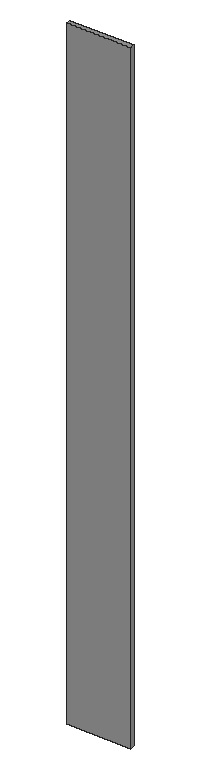
Revit family "Extrusion", category Generic Models, Revit 2025
Family settings
  Can host rebar = No
  Round Connector Dimension = Use Diameter
  Part Type = Normal
  Work Plane-Based = No
  Always vertical = Yes
  Cut with Voids When Loaded = No
  Maintain Annotation Orientation = No
  Shared = No
  Room Calculation Point = No
Parameters
  Width = 1.5"
  Material = Damp-proofing
  Length [instance] = 21.55366"
  Height [instance] = 213"
  Default Elevation = 0"
Reference planes (in)
  plane 1 "Center (Front/Back)": y = 0
  plane 2: z = 0
  plane 3 "Center (Left/Right)": x = 0
  plane 4: z = 213
  plane 5: x = -10.77683
  plane 6: x = 10.77683
Forms (in)
  Extrusion 1, solid, material "Damp-proofing" <- "Material"
    sketch origin (0, 0, 0) x (1, 0, 0) y (0, 1, 0)
      loop
        line (-10.77683, 0.75) -> (-10.77683, -0.75) -> (10.77683, -0.75) -> (10.77683, 0.75) -> (-10.77683, 0.75)
    from 0 to 213
Dimensions and locks (in)
  "Height": plane 4 to plane 2
  equal spacing: Extrusion 1 sketch curve, plane 1 "Center (Front/Back)", Extrusion 1 sketch curve
  "Width": Extrusion 1 sketch curve to Extrusion 1 sketch curve
  equal spacing: plane 5, plane 3 "Center (Left/Right)", plane 6
  "Length": plane 5 to plane 6
  aligned and locked: level to plane 2
  aligned and locked: Extrusion 1 to plane 5  (x2)
  aligned and locked: plane 6 to Extrusion 1
  aligned and locked: plane 4 to Extrusion 1
Automatic sketch dimensions
  Extrusion 1 sketch curve to plane 5 = 0"
  Extrusion 1 sketch curve to plane 6 = 0"
